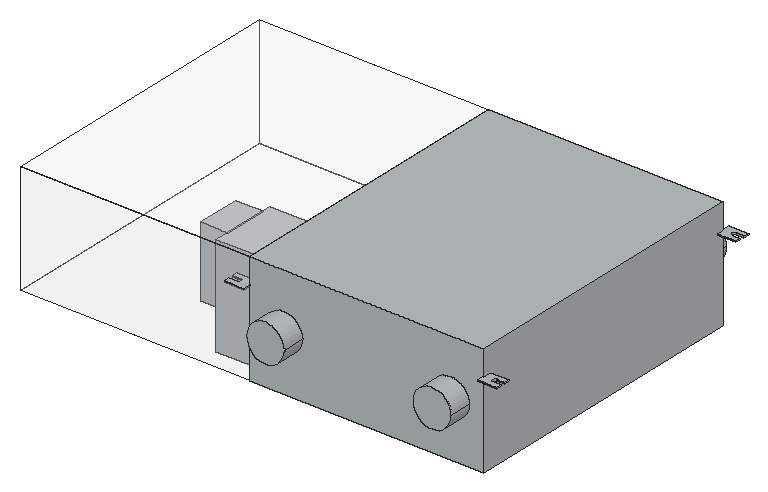
Revit family "lgh-n15_100rxw_rxv(d)-c_50Hz", category 機械設備, Revit 2019
Family settings
  丸型コネクタ寸法 = 直径を使用
  パーツ タイプ = 標準
  OmniClass 番号 = 23.75.10.34.21
  OmniClass タイトル = Heat Exchangers for Ventilation Air
  作業面ベース = いいえ
  常に垂直 = はい
  ロード時にボイドで切り取り = いいえ
  共有 = いいえ
  部屋計算ポイント = はい
Parameters (values of type "LGH-N15RXW-C_100V")
  騒音レベル(dB(A)) = 31
  風量 = 150.0 m³/h
  面風速 = 5.31 m/s
  電源種別 [instance] = "一般"
  電圧 = 100 V
  電動機出力 = 0 W
  集中コントローラ = ""
  運転質量 = 0.00 kg
  連動 [instance] = ""
  質量 = if(製品質量 > 運転質量, 製品質量, 運転質量) * 1.2  # 27.60 kg
  負荷分類 = 3_ファン類
  説明 = "業務用ロスナイ 天井埋込形 DCマイコン CO2センサー付"
  設計風量 = 0.0 m³/h
  設置方法 = "天井吊(隠ぺい)形"
  記号 [instance] = ""
  製造元 = "三菱電機株式会社"
  製品質量 = 23.00 kg
  製品出荷対象 = "国内"
  製品リリース年月 = "2020/10/1"
  製品グループ = ""
  系統 [instance] = ""
  符号 = "HEU"
  積算_科目 = "1 空気調和設備"
  積算_拾い区分 [instance] = ""
  相 = 1
  盤記号 [instance] = ""
  発停方法 [instance] = "別売リモコン"
  特殊仕様 [instance] = ""
  点検口高さ = -Height  # -290 mm
  点検口離隔 = 150 mm
  点検口_Depth = 450 mm
  点検口 = yes
  火災停止 [instance] = ""
  温度交換効率 = 74.00%
  消費電力 = 85 W
  法定耐用年数 = "15"
  機外静圧_排気 = 210.0 Pa
  機外静圧 = 210.0 Pa
  極数 = 2
  材質 [instance] = ""
  本体マテリアル = 溶融亜鉛めっき鋼板
  操作・制御方式 = ""
  操作・制御スイッチ = ""
  排気量 = 0.0 m³/h
  形式 = "天井埋込ダクト形"
  幹線記号 [instance] = ""
  対象室 [instance] = ""
  実風量 = 0.0 m³/h
  始動方式 [instance] = "直入"
  天吊金具_径 = 6.5 mm
  天吊金具_幅 = 20 mm
  外気量 = 0.0 m³/h
  呼称 = "全熱交換ユニット"
  周波数 = 50 Hz
  天吊金具ピッチ2 = 780 mm
  天吊金具ピッチ1 = 670 mm
  天吊金具_高さ = 65 mm
  参照している仕様書等のバージョン = "公共建築工事標準仕様書（機械設備工事編）平成31年度版"
  初期抵抗 = 0.0 Pa
  分類コード = "50052504100070"
  分類グループ = ""
  価格 = 402200
  企業コード = "108420"
  付属品_フィルター_還気 = ""
  付属品_フィルター = ""
  付属品 [instance] = ""
  仕様書バージョン = "Version1.0"
  モデル = "LGH-N15RXW-C"
  メンテナンススペース = yes
  コメント [instance] = ""
  Keynote = ""
  エンタルピ交換効率_暖房 = 75.50%
  エンタルピ交換効率_冷房 = 64.50%
  Assembly Code = ""
  Width = 610 mm
  Version = ""
  Uniclass2015Version = "Systems v1.9"
  Uniclass2015Title = "Thermal wheels"
  Uniclass2015Code = "Pr_60_60_36_88"
  URL = "https://www.mitsubishielectric.co.jp/ldg/wink/ssl/displayProduct.do?pid=309797"
  SpecificationReference = ""
  SpecificationDescription = ""
  Sensor_Width = 184 mm
  Sensor_D = 69 mm
  Sensor_Height = 183 mm
  Sensor_H = 14 mm
  Sensor_Depth = 115 mm
  SMAX風量 = 150.0 m³/h
  SMAX静圧 = 210.0 Pa
  SAサイズ_D = 97.5 mm
  Revision = ""
  RAサイズ_D = 97.5 mm
  ProductInformation = ""
  OmniClassCode = "23-27 23 19 11"
  OAダクト接続口方向_標準 = yes
  OAダクト接続口方向_変更 = not(OAダクト接続口方向_標準)  # no
  OAサイズ_W = 0 mm
  OAサイズ_D = 97.5 mm
  MIN風量 = 66.0 m³/h
  MIN静圧 = 35.0 Pa
  MID風量 = 108.0 m³/h
  MID静圧 = 93.0 Pa
  MAX風量 = 150.0 m³/h
  MAX静圧 = 180.0 Pa
  IfcTypeProduct = ""
  IfcProduct = ""
  IfcExportType = "ROTARYWHEEL"
  IfcExportAs = "IfcAirToAirHeatRecoveryType"
  Height = 290 mm
  EAダクト接続口方向_変更 = not(EAダクト接続口方向_標準)  # no
  EAダクト接続口方向_標準 = yes
  EAサイズ_W = 0 mm
  EAサイズ_D = 97.5 mm
  Duct_Pitch = 435 mm
  Duct_Height = 145 mm
  Duct_Depth = 59 mm
  DuctChange_Center = 118 mm
  Depth = 780 mm
  Clearance Top = 0 mm
  Clearance Left = 600 mm
  Clearance Bottom = 0 mm
  Box_Width = 115 mm
  Box_Height = 261 mm
  Box_H = 15 mm
  Box_Depth = 175 mm
  Box_D = 33 mm
  Author = "三菱電機株式会社"
Types (14, lengths in mm): name | 騒音レベル(dB(A)) | 風量 | 面風速 | 電圧 | 質量 | 製品質量 | 点検口高さ | 温度交換効率 | 消費電力 | 機外静圧_排気 | 機外静圧 | 極数 | 天吊金具ピッチ2 | 天吊金具ピッチ1 | 天吊金具_高さ | 参照している仕様書等のバージョン | 価格 | モデル | エンタルピ交換効率_暖房 | エンタルピ交換効率_冷房 | Width | URL | Sensor_D | Sensor_H | SMAX風量 | SMAX静圧 | SAサイズ_D | RAサイズ_D | OAサイズ_D | MIN風量 | MIN静圧 | MID風量 | MID静圧 | MAX風量 | MAX静圧 | Height | EAサイズ_D | Duct_Pitch | Duct_Height | Duct_Depth | DuctChange_Center | Depth | Box_H | Box_D
  LGH-N15RXW-C_100V | 31 | 150.0 m³/h | 5.31 m/s | 100 V | 27.60 kg | 23.00 kg | -290 | 74.00% | 85 W | 210.0 Pa | 210.0 Pa | 2 | 780 | 670 | 65 | "公共建築工事標準仕様書（機械設備工事編）平成31年度版" | 402200 | "LGH-N15RXW-C" | 75.50% | 64.50% | 610 | "https://www.mitsubishielectric.co.jp/ldg/wink/ssl/displayProduct.do?pid=309797" | 69 | 14 | 150.0 m³/h | 210.0 Pa | 97.5 | 97.5 | 97.5 | 66.0 m³/h | 35.0 Pa | 108.0 m³/h | 93.0 Pa | 150.0 m³/h | 180.0 Pa | 290 | 97.5 | 435 | 145 | 59 | 118 | 780 | 15 | 33
  LGH-N15RXW-C_200V | 31 | 150.0 m³/h | 5.31 m/s | 200 V | 27.60 kg | 23.00 kg | -290 | 74.00% | 85 W | 210.0 Pa | 210.0 Pa | 3 | 780 | 670 | 65 | "公共建築工事標準仕様書（機械設備工事編）平成31年度版" | 402200 | "LGH-N15RXW-C" | 75.50% | 64.50% | 610 | "https://www.mitsubishielectric.co.jp/ldg/wink/ssl/displayProduct.do?pid=309797" | 69 | 14 | 150.0 m³/h | 210.0 Pa | 97.5 | 97.5 | 97.5 | 66.0 m³/h | 35.0 Pa | 108.0 m³/h | 93.0 Pa | 150.0 m³/h | 180.0 Pa | 290 | 97.5 | 435 | 145 | 59 | 118 | 780 | 15 | 33
  LGH-N25RXW-C_100V | 30 | 250.0 m³/h | 3.93 m/s | 100 V | 28.80 kg | 24.00 kg | -290 | 70.00% | 110 W | 170.0 Pa | 170.0 Pa | 2 | 780 | 795 | 65 | "公共建築工事標準仕様書（機械設備工事編）平成31年度版" | 422200 | "LGH-N25RXW-C" | 73.00% | 63.00% | 735 | "https://www.mitsubishielectric.co.jp/ldg/wink/ssl/displayProduct.do?pid=309793" | 69 | 14 | 250.0 m³/h | 170.0 Pa | 142 | 142 | 142 | 110.0 m³/h | 28.0 Pa | 180.0 m³/h | 75.0 Pa | 250.0 m³/h | 145.0 Pa | 290 | 142 | 520 | 145 | 69 | 118 | 780 | 15 | 33
  LGH-N25RXW-C_200V | 30 | 250.0 m³/h | 3.93 m/s | 200 V | 28.80 kg | 24.00 kg | -290 | 70.00% | 110 W | 170.0 Pa | 170.0 Pa | 3 | 780 | 795 | 65 | "公共建築工事標準仕様書（機械設備工事編）平成31年度版" | 422200 | "LGH-N25RXW-C" | 73.00% | 63.00% | 735 | "https://www.mitsubishielectric.co.jp/ldg/wink/ssl/displayProduct.do?pid=309793" | 69 | 14 | 250.0 m³/h | 170.0 Pa | 142 | 142 | 142 | 110.0 m³/h | 28.0 Pa | 180.0 m³/h | 75.0 Pa | 250.0 m³/h | 145.0 Pa | 290 | 142 | 520 | 145 | 69 | 118 | 780 | 15 | 33
  LGH-N35RXW-C_100V | 33 | 350.0 m³/h | 5.5 m/s | 100 V | 39.60 kg | 33.00 kg | -330 | 71.50% | 210 W | 300.0 Pa | 300.0 Pa | 2 | 890 | 935 | 70 | "公共建築工事標準仕様書（機械設備工事編）平成31年度版" | 445200 | "LGH-N35RXW-C" | 74.50% | 65.50% | 875 | "https://www.mitsubishielectric.co.jp/ldg/wink/ssl/displayProduct.do?pid=309794" | 104 | 22 | 350.0 m³/h | 300.0 Pa | 142 | 142 | 142 | 154.0 m³/h | 36.0 Pa | 252.0 m³/h | 96.0 Pa | 350.0 m³/h | 185.0 Pa | 330 | 142 | 600 | 165 | 69 | 140 | 890 | 23 | 68
  LGH-N35RXW-C_200V | 33 | 350.0 m³/h | 5.5 m/s | 200 V | 39.60 kg | 33.00 kg | -330 | 71.50% | 210 W | 300.0 Pa | 300.0 Pa | 3 | 890 | 935 | 70 | "公共建築工事標準仕様書（機械設備工事編）平成31年度版" | 445200 | "LGH-N35RXW-C" | 74.50% | 65.50% | 875 | "https://www.mitsubishielectric.co.jp/ldg/wink/ssl/displayProduct.do?pid=309794" | 104 | 22 | 350.0 m³/h | 300.0 Pa | 142 | 142 | 142 | 154.0 m³/h | 36.0 Pa | 252.0 m³/h | 96.0 Pa | 350.0 m³/h | 185.0 Pa | 330 | 142 | 600 | 165 | 69 | 140 | 890 | 23 | 68
  LGH-N50RXW-C_100V | 37 | 500.0 m³/h | 4.42 m/s | 100 V | 44.40 kg | 37.00 kg | -330 | 71.00% | 315 W | 310.0 Pa | 310.0 Pa | 2 | 890 | 1080 | 70 | "公共建築工事標準仕様書（機械設備工事編）平成31年度版" | 503200 | "LGH-N50RXW-C" | 73.00% | 63.00% | 1020 | "https://www.mitsubishielectric.co.jp/ldg/wink/ssl/displayProduct.do?pid=309795" | 104 | 22 | 500.0 m³/h | 310.0 Pa | 192 | 192 | 192 | 220.0 m³/h | 37.0 Pa | 360.0 m³/h | 98.0 Pa | 500.0 m³/h | 190.0 Pa | 330 | 192 | 700 | 165 | 84 | 130 | 890 | 23 | 68
  LGH-N50RXW-C_200V | 37 | 500.0 m³/h | 4.42 m/s | 200 V | 44.40 kg | 37.00 kg | -330 | 71.00% | 315 W | 310.0 Pa | 310.0 Pa | 3 | 890 | 1080 | 70 | "公共建築工事標準仕様書（機械設備工事編）平成31年度版" | 503200 | "LGH-N50RXW-C" | 73.00% | 63.00% | 1020 | "https://www.mitsubishielectric.co.jp/ldg/wink/ssl/displayProduct.do?pid=309795" | 104 | 22 | 500.0 m³/h | 310.0 Pa | 192 | 192 | 192 | 220.0 m³/h | 37.0 Pa | 360.0 m³/h | 98.0 Pa | 500.0 m³/h | 190.0 Pa | 330 | 192 | 700 | 165 | 84 | 130 | 890 | 23 | 68
  LGH-N65RXW-C_100V | 40 | 650.0 m³/h | 5.75 m/s | 100 V | 51.60 kg | 43.00 kg | -404 | 71.50% | 445 W | 320.0 Pa | 320.0 Pa | 2 | 984 | 952 | 76 | "公共建築工事標準仕様書（機械設備工事編）平成31年度版" | 608200 | "LGH-N65RXW-C" | 72.00% | 63.00% | 892 | "https://www.mitsubishielectric.co.jp/ldg/wink/ssl/displayProduct.do?pid=309796" | 107 | 56 | 650.0 m³/h | 320.0 Pa | 192 | 192 | 192 | 286.0 m³/h | 45.0 Pa | 468.0 m³/h | 119.0 Pa | 650.0 m³/h | 230.0 Pa | 404 | 192 | 620 | 202 | 84 | 122 | 984 | 57 | 71
  LGH-N65RXW-C_200V | 40 | 650.0 m³/h | 5.75 m/s | 200 V | 51.60 kg | 43.00 kg | -404 | 71.50% | 445 W | 320.0 Pa | 320.0 Pa | 3 | 984 | 952 | 76 | "公共建築工事標準仕様書（機械設備工事編）平成31年度版" | 608200 | "LGH-N65RXW-C" | 72.00% | 63.00% | 892 | "https://www.mitsubishielectric.co.jp/ldg/wink/ssl/displayProduct.do?pid=309796" | 107 | 56 | 650.0 m³/h | 320.0 Pa | 192 | 192 | 192 | 286.0 m³/h | 45.0 Pa | 468.0 m³/h | 119.0 Pa | 650.0 m³/h | 230.0 Pa | 404 | 192 | 620 | 202 | 84 | 122 | 984 | 57 | 71
  LGH-N80RXV-C | 40 | 800.0 m³/h | 4.53 m/s | 100 V | 63.60 kg | 53.00 kg | -404 | 73.00% | 540 W | 310.0 Pa | 310.0 Pa | 2 | 1144 | 1064 | 76 | "公共建築工事標準仕様書（機械設備工事編）平成31年度版" | 688200 | "LGH-N80RXV-C" | 75.00% | 65.00% | 1004 | "https://www.mitsubishielectric.co.jp/ldg/wink/ssl/displayProduct.do?pid=309787" | 182 | 87 | 800.0 m³/h | 310.0 Pa | 242 | 242 | 242 | 352.0 m³/h | 37.0 Pa | 576.0 m³/h | 98.0 Pa | 800.0 m³/h | 190.0 Pa | 404 | 242 | 690 | 202 | 84 | 165 | 1144 | 88 | 146
  LGH-N80RXVD-C | 40 | 800.0 m³/h | 4.53 m/s | 200 V | 63.60 kg | 53.00 kg | -404 | 73.00% | 540 W | 310.0 Pa | 310.0 Pa | 3 | 1144 | 1064 | 76 | "公共建築工事標準仕様書（機械設備工事編）平成31年度版" | 688200 | "LGH-N80RXVD-C" | 75.00% | 65.00% | 1004 | "https://www.mitsubishielectric.co.jp/ldg/wink/ssl/displayProduct.do?pid=309791" | 182 | 87 | 800.0 m³/h | 310.0 Pa | 242 | 242 | 242 | 352.0 m³/h | 37.0 Pa | 576.0 m³/h | 98.0 Pa | 800.0 m³/h | 190.0 Pa | 404 | 242 | 690 | 202 | 84 | 165 | 1144 | 88 | 146
  LGH-N100RXV-C | 38 | 1000.0 m³/h | 5.66 m/s | 100 V | 69.60 kg | 58.00 kg | -404 | 73.00% | 580 W | 225.0 Pa | 225.0 Pa | 2 | 1144 | 1291 | 76 | "" | 757200 | "LGH-N100RXV-C" | 75.00% | 65.00% | 1231 | "https://www.mitsubishielectric.co.jp/ldg/wink/ssl/displayProduct.do?pid=309788" | 182 | 87 | 1000.0 m³/h | 225.0 Pa | 242 | 242 | 242 | 440.0 m³/h | 32.0 Pa | 720.0 m³/h | 86.0 Pa | 1000.0 m³/h | 165.0 Pa | 404 | 242 | 917 | 202 | 84 | 165 | 1144 | 88 | 146
  LGH-N100RXVD-C | 38 | 1000.0 m³/h | 5.66 m/s | 200 V | 69.60 kg | 58.00 kg | -404 | 73.00% | 580 W | 225.0 Pa | 225.0 Pa | 3 | 1144 | 1291 | 76 | "" | 757200 | "LGH-N100RXVD-C" | 75.00% | 65.00% | 1231 | "https://www.mitsubishielectric.co.jp/ldg/wink/ssl/displayProduct.do?pid=309789" | 182 | 87 | 1000.0 m³/h | 225.0 Pa | 242 | 242 | 242 | 440.0 m³/h | 32.0 Pa | 720.0 m³/h | 86.0 Pa | 1000.0 m³/h | 165.0 Pa | 404 | 242 | 917 | 202 | 84 | 165 | 1144 | 88 | 146
Reference planes
  plane 1 "中心(正面/背面)": y = 0
  plane 2: z = 0
  plane 3 "中心(左/右)": x = 0
  plane 4: x = -305
  plane 5: x = 305
  plane 6: y = 390
  plane 7: y = -390
  plane 8: z = -290
  plane 9: z = -145
  plane 10: x = -217.5
  plane 11: x = 217.5
  plane 12: y = -449
  plane 13: y = 449
  plane 14: y = 272
  plane 15: x = -364
  plane 16: x = 364
  plane 17: x = -905
  plane 18: y = -357
  plane 19: y = -182
  plane 20: z = -15
  plane 21: z = -276
  plane 22: x = -420
  plane 23: x = -455
  plane 24: y = 225
  plane 25: x = -335
  plane 26: x = 335
  plane 27: y = 390
  plane 28: y = -390
  plane 29: y = -225
  plane 30: x = -355
  plane 31: y = 410
  plane 32: y = 370
  plane 33: y = -370
  plane 34: y = -410
  plane 35: z = -5
  plane 36: z = -65
  plane 37: z = -68
  plane 38: x = 355
  plane 39: y = -321
  plane 40: y = -206
  plane 41: z = -14
  plane 42: z = -197
  plane 43: x = -489
  plane 44: z = -290
  plane 45: z = 0
Forms (mm)
  Extrusion 1, solid, material "溶融亜鉛めっき鋼板" <- "本体マテリアル", detail levels fine
    sketch origin (0, 0, 0) x (1, 0, 0) y (0, 1, 0)
      loop
        line (-305, 390) -> (-305, -390) -> (305, -390) -> (305, 390) -> (-305, 390)
    from 0 to -290
  Extrusion 2, solid, material "溶融亜鉛めっき鋼板" <- "本体マテリアル", detail levels fine
    sketch origin (510, -445, 0) x (-1, 0, 0) y (0, 0, -1)
      loop
        circle (292.5, 145) r 48.75
    from -55 to 4
  Extrusion 3, solid, material "溶融亜鉛めっき鋼板" <- "本体マテリアル", detail levels fine
    sketch origin (-305, -390, 0) x (0, 1, 0) y (0, 0, -1)
      loop
        line (208, 15) -> (208, 276) -> (33, 276) -> (33, 15) -> (208, 15)
    from 0 to 115
  Extrusion 4, solid, material "溶融亜鉛めっき鋼板" <- "本体マテリアル", detail levels fine
    sketch origin (0, 0, 0) x (1, 0, 0) y (0, 1, 0)
      loop
        line (-355, 410) -> (-355, 396.5) -> (-335, 396.5)
        arc (-335, 396.5) -> (-328.5, 390) -> (-335, 383.5) r 6.5
        line (-335, 383.5) -> (-355, 383.5) -> (-355, 370) -> (-305, 370) -> (-305, 410) -> (-355, 410)
    from -65 to -68
  Extrusion 5, solid, material "溶融亜鉛めっき鋼板" <- "本体マテリアル", detail levels fine
    sketch origin (0, 0, 0) x (1, 0, 0) y (0, 1, 0)
      loop
        line (-355, -410) -> (-305, -410) -> (-305, -370) -> (-355, -370) -> (-355, -383.5) -> (-335, -383.5)
        arc (-335, -383.5) -> (-328.5, -390) -> (-335, -396.5) r 6.5
        line (-335, -396.5) -> (-355, -396.5) -> (-355, -410)
    from -65 to -68
  Extrusion 6, solid, material "溶融亜鉛めっき鋼板" <- "本体マテリアル", detail levels fine
    sketch origin (0, 0, 0) x (-1, 0, 0) y (0, -1, 0)
      loop
        line (-355, 410) -> (-355, 396.5) -> (-335, 396.5)
        arc (-335, 396.5) -> (-328.5, 390) -> (-335, 383.5) r 6.5
        line (-335, 383.5) -> (-355, 383.5) -> (-355, 370) -> (-305, 370) -> (-305, 410) -> (-355, 410)
    from -65 to -68
  Extrusion 7, solid, material "溶融亜鉛めっき鋼板" <- "本体マテリアル", detail levels fine
    sketch origin (0, 0, 0) x (-1, 0, 0) y (0, -1, 0)
      loop
        line (-355, -410) -> (-305, -410) -> (-305, -370) -> (-355, -370) -> (-355, -383.5) -> (-335, -383.5)
        arc (-335, -383.5) -> (-328.5, -390) -> (-335, -396.5) r 6.5
        line (-335, -396.5) -> (-355, -396.5) -> (-355, -410)
    from -65 to -68
  Extrusion 8, solid, material "溶融亜鉛めっき鋼板" <- "本体マテリアル", visible <- "EAダクト接続口方向_標準", detail levels fine
    sketch origin (510, 445, 0) x (-1, 0, 0) y (0, 0, 1)
      loop
        circle (292.5, -145) r 48.75
    from -55 to 4
  Extrusion 9, solid, material "溶融亜鉛めっき鋼板" <- "本体マテリアル", visible <- "OAダクト接続口方向_標準", detail levels fine
    sketch origin (-510, 445, 0) x (1, 0, 0) y (0, 0, -1)
      loop
        circle (292.5, 145) r 48.75
    from -55 to 4
  Extrusion 10, solid, material "溶融亜鉛めっき鋼板" <- "本体マテリアル", detail levels fine
    sketch origin (-510, -445, 0) x (1, 0, 0) y (0, 0, 1)
      loop
        circle (292.5, -145) r 48.75
    from -55 to 4
  Extrusion 11, solid, material "溶融亜鉛めっき鋼板" <- "本体マテリアル", visible <- "EAダクト接続口方向_変更", detail levels fine
    sketch origin (0, 0, 0) x (0, 1, 0) y (0, 0, 1)
      loop
        circle (272, -145) r 48.75
    from 305 to 364
  Extrusion 12, solid, material "溶融亜鉛めっき鋼板" <- "本体マテリアル", visible <- "OAダクト接続口方向_変更", detail levels fine
    sketch origin (0, 0, 0) x (0, 1, 0) y (0, 0, -1)
      loop
        circle (272, 145) r 48.75
    from 305 to 364
  Extrusion 13, solid, material "溶融亜鉛めっき鋼板" <- "本体マテリアル"
    sketch origin (0, 0, 0) x (0, 1, 0) y (0, 0, 1)
      loop
        line (-206, -14) -> (-321, -14) -> (-321, -197) -> (-206, -197) -> (-206, -14)
    from -489 to -420
Lines and regions (mm)
  Masking region 1, detail levels coarse+medium
    outline origin (1326.5, 29, 0) x (1, 0, 0) y (0, 1, 0)
      loop
        line (-1631.5, 361) -> (-1631.5, -419) -> (-1021.5, -419) -> (-1021.5, 361) -> (-1631.5, 361)
  symbolic lines, detail levels coarse+medium
    curve 1: line (0, 390, 0) -> (-305, 0, 0)
    curve 2: line (-305, 0, 0) -> (0, -390, 0)
    curve 3: line (0, -390, 0) -> (305, 0, 0)
    curve 4: line (305, 0, 0) -> (0, 390, 0)
Dimensions and locks
  equal spacing: plane 4, plane 3 "中心(左/右)", plane 5
  "Width": plane 4 to plane 5
  equal spacing: plane 6, plane 1 "中心(正面/背面)", plane 7
  "Depth": plane 6 to plane 7
  "Height": level to plane 8
  "Duct_Height": level to plane 9
  equal spacing: plane 11, plane 3 "中心(左/右)", plane 10
  "Duct_Pitch": plane 11 to plane 10
  "Duct_Depth": plane 13 to plane 6
  "Duct_Depth": plane 7 to plane 12
  "DuctChange_Center": plane 6 to plane 14
  "Duct_Depth": plane 5 to plane 16
  "Duct_Depth": plane 15 to plane 4
  "Clearance Left": plane 17 to plane 4
  "Box_H": level to plane 20
  "Box_Height": plane 20 to plane 21
  "Box_D": plane 18 to plane 7
  "Box_Depth": plane 19 to plane 18
  "Box_Width": plane 22 to plane 4
  "点検口離隔": plane 23 to plane 4
  equal spacing: plane 25, plane 3 "中心(左/右)", plane 26
  "天吊金具ピッチ1": plane 25 to plane 26
  equal spacing: plane 27, plane 1 "中心(正面/背面)", plane 28
  "天吊金具ピッチ2": plane 27 to plane 28
  equal spacing: plane 24, plane 1 "中心(正面/背面)", plane 29
  "点検口_Depth": plane 24 to plane 29
  equal spacing: plane 31, plane 27, plane 32
  locked: plane 31 to plane 32 at 40
  "天吊金具_幅": plane 30 to plane 25
  "天吊金具_高さ": level to plane 36
  locked: plane 36 to plane 37 at 3
  equal spacing: plane 33, plane 28, plane 34
  locked: plane 33 to plane 34 at 40
  "天吊金具_幅": plane 26 to plane 38
  "Sensor_D": plane 39 to plane 28
  "Sensor_Depth": plane 40 to plane 39
  "Sensor_H": level to plane 41
  "Sensor_Height": plane 41 to plane 42
  "Sensor_Width": plane 43 to plane 4
  "Clearance Top": plane 45 to level
  "Clearance Bottom": plane 8 to plane 44
  "RAサイズ_D": diameter of Extrusion 2 sketch curve
  "天吊金具_径": radius of Extrusion 4 sketch curve
  "天吊金具_径": radius of Extrusion 5 sketch curve
  "天吊金具_径": radius of Extrusion 6 sketch curve
  "天吊金具_径": radius of Extrusion 7 sketch curve
  "EAサイズ_D": diameter of Extrusion 8 sketch curve
  "OAサイズ_D": diameter of Extrusion 9 sketch curve
  "SAサイズ_D": diameter of Extrusion 10 sketch curve
  "EAサイズ_D": diameter of Extrusion 11 sketch curve
  "EAサイズ_D": diameter of Extrusion 12 sketch curve
  aligned and locked: level to plane 2
  aligned and locked: Extrusion 1 to plane 8
  aligned and locked: plane 7 to Extrusion 2
  aligned and locked: Extrusion 2 to plane 12
  aligned and locked: plane 17 to nested 1
  aligned and locked: plane 4 to nested 1
  aligned and locked: nested 1 to plane 6
  aligned and locked: nested 1 to plane 7
  aligned and locked: Extrusion 3 to plane 22
  aligned and locked: plane 4 to Extrusion 3
  aligned and locked: Masking region 1 to plane 4
  aligned and locked: plane 5 to Masking region 1
  aligned and locked: plane 6 to Masking region 1
  aligned and locked: Masking region 1 to plane 7
  aligned and locked: plane 26 to nested 2
  aligned and locked: plane 25 to nested 2
  aligned and locked: nested 2 to plane 28
  aligned and locked: plane 27 to nested 2
  aligned and locked: Extrusion 3 to plane 19
  aligned and locked: Extrusion 3 to plane 21
  aligned and locked: plane 20 to Extrusion 3
  aligned and locked: plane 18 to Extrusion 3
  aligned and locked: plane 23 to nested 3
  aligned and locked: plane 17 to nested 3
  aligned and locked: plane 24 to nested 3
  aligned and locked: nested 3 to plane 29
  aligned and locked: plane 4 to Extrusion 4
  aligned and locked: Extrusion 4 to plane 30  (x2)
  aligned and locked: plane 31 to Extrusion 4
  aligned and locked: Extrusion 4 to plane 36
  aligned and locked: Extrusion 4 to plane 37
  aligned and locked: plane 4 to Extrusion 5
  aligned and locked: plane 33 to Extrusion 5
  aligned and locked: Extrusion 5 to plane 34
  aligned and locked: Extrusion 5 to plane 30  (x2)
  aligned and locked: Extrusion 5 to Extrusion 4  (x2)
  aligned and locked: Extrusion 7 to plane 38  (x2)
  aligned and locked: Extrusion 7 to plane 32
  aligned and locked: plane 31 to Extrusion 7
  aligned and locked: Extrusion 6 to plane 38
  aligned and locked: Extrusion 6 to plane 34
  aligned and locked: Extrusion 6 to plane 5
  aligned and locked: plane 33 to Extrusion 6
  aligned and locked: Extrusion 6 to plane 37
  aligned and locked: plane 36 to Extrusion 6
  aligned and locked: Extrusion 7 to plane 37
  aligned and locked: plane 36 to Extrusion 7
  aligned and locked: plane 13 to Extrusion 8
  aligned and locked: Extrusion 8 to plane 6
  aligned and locked: plane 13 to Extrusion 9
  aligned and locked: Extrusion 9 to plane 6
  aligned and locked: Extrusion 10 to plane 12
  aligned and locked: plane 7 to Extrusion 10
  aligned and locked: plane 16 to Extrusion 11
  aligned and locked: Extrusion 11 to plane 5
  aligned and locked: plane 4 to Extrusion 12
  aligned and locked: Extrusion 12 to plane 15
  aligned and locked: plane 41 to Extrusion 13 sketch curve
  aligned and locked: Extrusion 13 sketch curve to plane 40
  aligned and locked: Extrusion 13 sketch curve to plane 42
  aligned and locked: plane 39 to Extrusion 13 sketch curve
  aligned and locked: Extrusion 13 to plane 43
  aligned and locked: Extrusion 13 to Extrusion 3
  aligned and locked: plane 44 to nested 1
  aligned and locked: plane 45 to nested 1
Automatic sketch dimensions
  plane 1 "中心(正面/背面)" to curve 1 = 0 mm
  curve 1 to plane 4 = 0 mm
  curve 2 to plane 3 "中心(左/右)" = 0 mm
  curve 4 to plane 3 "中心(左/右)" = 0 mm
  plane 1 "中心(正面/背面)" to curve 4 = 0 mm
  curve 4 to plane 5 = 0 mm
  curve 2 to plane 7 = 0 mm
  curve 4 to plane 6 = 0 mm
  Extrusion 1 sketch curve to plane 4 = 0 mm
  Extrusion 1 sketch curve to plane 5 = 0 mm
  Extrusion 1 sketch curve to plane 7 = 0 mm
  Extrusion 1 sketch curve to plane 6 = 0 mm
  Extrusion 2 sketch curve to plane 9 = 0 mm
  Extrusion 2 sketch curve to plane 11 = 0 mm
  Extrusion 3 sketch curve to Extrusion 1 = 33 mm
  Extrusion 1 to Extrusion 3 sketch curve = 14 mm
  Extrusion 3 sketch curve to Extrusion 3 sketch curve = 175 mm
  Extrusion 1 to Extrusion 3 sketch curve = 15 mm
  Masking region 1 sketch curve to plane 4 = 0 mm
  Masking region 1 sketch curve to plane 5 = 0 mm
  Masking region 1 sketch curve to plane 7 = 0 mm
  Masking region 1 sketch curve to plane 6 = 0 mm
  Extrusion 8 sketch curve to plane 9 = 0 mm
  Extrusion 8 sketch curve to plane 11 = 0 mm
  Extrusion 9 sketch curve to plane 9 = 0 mm
  Extrusion 9 sketch curve to plane 10 = 0 mm
  Extrusion 10 sketch curve to plane 9 = 0 mm
  Extrusion 10 sketch curve to plane 10 = 0 mm
  Extrusion 11 sketch curve to plane 9 = 0 mm
  Extrusion 11 sketch curve to plane 14 = 0 mm
  Extrusion 12 sketch curve to plane 9 = 0 mm
  Extrusion 12 sketch curve to plane 14 = 0 mm
  Extrusion 4 sketch curve to plane 30 = 0 mm  (x2)
  Extrusion 4 sketch curve to plane 25 = 0 mm
  Extrusion 4 sketch curve to plane 4 = 0 mm
  Extrusion 4 sketch curve to plane 32 = 0 mm
  Extrusion 4 sketch curve to plane 6 = 0 mm
  Extrusion 4 sketch curve to plane 31 = 0 mm
  Extrusion 5 sketch curve to plane 30 = 0 mm  (x2)
  Extrusion 5 sketch curve to plane 25 = 0 mm
  Extrusion 5 sketch curve to plane 4 = 0 mm
  Extrusion 5 sketch curve to plane 33 = 0 mm
  Extrusion 5 sketch curve to plane 7 = 0 mm
  Extrusion 5 sketch curve to plane 34 = 0 mm
  Extrusion 6 sketch curve to plane 34 = 0 mm
  Extrusion 6 sketch curve to plane 38 = 0 mm  (x2)
  Extrusion 6 sketch curve to plane 26 = 0 mm
  Extrusion 6 sketch curve to plane 5 = 0 mm
  Extrusion 6 sketch curve to plane 33 = 0 mm
  Extrusion 6 sketch curve to plane 7 = 0 mm
  Extrusion 7 sketch curve to plane 31 = 0 mm
  Extrusion 7 sketch curve to plane 38 = 0 mm  (x2)
  Extrusion 7 sketch curve to plane 26 = 0 mm
  Extrusion 7 sketch curve to plane 5 = 0 mm
  Extrusion 7 sketch curve to plane 32 = 0 mm
  Extrusion 7 sketch curve to plane 6 = 0 mm
Nested families
  nested 1: "メンテナンススペース" at (-605, 0, -145), visible <- "メンテナンススペース", type "メンテナンススペース"
    with Width 600 mm, Height 290 mm, Depth 780 mm
  nested 2: "固定点" at (-335, -390, 0), type "固定点"
    with W 670 mm, D 780 mm
  nested 3: "点検口設置範囲" at (-680, 0, -290), built-in parameter 1001364 <- "点検口高さ", visible <- "点検口", type "点検口設置範囲"
    with Width 450 mm, Depth 450 mm
Connectors
  hvac at (217.5, -449, -145), driven by "RAサイズ_D", driven by "機外静圧", driven by "風量"
    settings: on Extrusion 2, index 2, duct flow 150.0 m³/h, flow factor 0, pres drop 210.0 Pa, loss coef 0, conn angle 0.00°, conn width 304.8 mm, conn height 304.8 mm, conn diameter 97.5 mm, duct sys type 2, conn prof type 0, flow config 0, flow direction 1, loss method 4, conn ref index -1, conn util no, is conn primary yes, conn desc ""
  electrical at (-362.5, -357, -145.5), driven by "負荷分類", driven by "相", driven by "電圧", driven by "消費電力"
    settings: on Extrusion 3, index 7, voltage 100 V, apparent load 85 VA, apparent load phase1 0 VA, apparent load phase2 0 VA, apparent load phase3 0 VA, power factor 1, load classification "3_ファン類", number of poles 1, system type 30, power factor state 1, is connector primary yes, connector utility no, sub classification motor no, connector description ""
  hvac at (217.5, 449, -145), driven by "EAサイズ_D", driven by "排気量", driven by "機外静圧_排気"
    settings: on Extrusion 8, index 8, duct flow 0.0 m³/h, flow factor 0, pres drop 210.0 Pa, loss coef 0, conn angle 0.00°, conn width 304.8 mm, conn height 304.8 mm, conn diameter 97.5 mm, duct sys type 3, conn prof type 0, flow config 0, flow direction 2, loss method 4, conn ref index -1, conn util no, is conn primary no, conn desc ""
  hvac at (-217.5, 449, -145), driven by "OAサイズ_D", driven by "外気量", driven by "機外静圧"
    settings: on Extrusion 9, index 9, duct flow 0.0 m³/h, flow factor 0, pres drop 210.0 Pa, loss coef 0, conn angle 0.00°, conn width 304.8 mm, conn height 304.8 mm, conn diameter 97.5 mm, duct sys type 4, conn prof type 0, flow config 0, flow direction 1, loss method 4, conn ref index -1, conn util no, is conn primary no, conn desc ""
  hvac at (-217.5, -449, -145), driven by "SAサイズ_D", driven by "風量", driven by "機外静圧"
    settings: on Extrusion 10, index 10, duct flow 150.0 m³/h, flow factor 0, pres drop 210.0 Pa, loss coef 0, conn angle 0.00°, conn width 304.8 mm, conn height 304.8 mm, conn diameter 97.5 mm, duct sys type 1, conn prof type 0, flow config 0, flow direction 2, loss method 4, conn ref index -1, conn util no, is conn primary no, conn desc ""
  hvac at (364, 272, -145), driven by "EAサイズ_D", driven by "機外静圧_排気", driven by "排気量"
    settings: on Extrusion 11, index 11, duct flow 0.0 m³/h, flow factor 0, pres drop 210.0 Pa, loss coef 0, conn angle 0.00°, conn width 304.8 mm, conn height 304.8 mm, conn diameter 97.5 mm, duct sys type 3, conn prof type 0, flow config 0, flow direction 2, loss method 4, conn ref index -1, conn util no, is conn primary no, conn desc ""
  hvac at (-364, 272, -145), driven by "EAサイズ_D", driven by "機外静圧", driven by "外気量"
    settings: on Extrusion 12, index 12, duct flow 0.0 m³/h, flow factor 0, pres drop 210.0 Pa, loss coef 0, conn angle 0.00°, conn width 304.8 mm, conn height 304.8 mm, conn diameter 97.5 mm, duct sys type 4, conn prof type 0, flow config 0, flow direction 1, loss method 4, conn ref index -1, conn util no, is conn primary no, conn desc ""
Definition of nested family "メンテナンススペース"
  Parameters (values of type "メンテナンススペース")
    Width [instance] = 500 mm
    Height [instance] = 500 mm
    Depth [instance] = 500 mm
  Reference planes
    plane 1 "中心(正面/背面)": y = 0
    plane 2: z = 0
    plane 3 "中心(左/右)": x = 0
    plane 4: y = -250
    plane 5: x = 250
    plane 6: y = 250
    plane 7: x = -250
    plane 8: z = 250
    plane 9: z = -250
  Forms (mm)
    Extrusion 1, solid
      sketch origin (-638.939, 0, 72.39) x (1, 0, 0) y (0, 1, 0)
        loop
          line (388.939, 250) -> (388.939, -250) -> (888.939, -250) -> (888.939, 250) -> (388.939, 250)
      from -322.39 to 177.61
  Lines and regions (mm)
    symbolic lines
      curve 1: line (-250, 0, 250) -> (250, 0, 250)
      curve 2: line (-250, 0, -250) -> (-250, 0, 250)
      curve 3: line (250, 0, -250) -> (-250, 0, -250)
      curve 4: line (250, 0, 250) -> (250, 0, -250)
      curve 5: line (0, -250, 250) -> (0, 250, 250)
      curve 6: line (0, -250, -250) -> (0, -250, 250)
      curve 7: line (0, 250, -250) -> (0, -250, -250)
      curve 8: line (0, 250, 250) -> (0, 250, -250)
      curve 9: line (-250, 250, 0) -> (250, 250, 0)
      curve 10: line (-250, -250, 0) -> (-250, 250, 0)
      curve 11: line (250, -250, 0) -> (-250, -250, 0)
      curve 12: line (250, 250, 0) -> (250, -250, 0)
  Dimensions and locks
    equal spacing: plane 7, plane 3 "中心(左/右)", plane 5
    equal spacing: plane 4, plane 1 "中心(正面/背面)", plane 6
    "Depth": plane 4 to plane 6
    "Width": plane 7 to plane 5
    equal spacing: plane 8, plane 2, plane 9
    "Height": plane 8 to plane 9
    aligned and locked: plane 9 to curve 3
    aligned and locked: plane 7 to curve 2
    aligned and locked: curve 4 to plane 5
    aligned and locked: plane 5 to Extrusion 1
    aligned and locked: Extrusion 1 to plane 7
    aligned and locked: Extrusion 1 to plane 9
    aligned and locked: plane 8 to Extrusion 1
    aligned and locked: plane 9 to curve 7
  Automatic sketch dimensions
    plane 4 to Extrusion 1 sketch curve = 0 mm
    Extrusion 1 sketch curve to plane 7 = 0 mm
    Extrusion 1 sketch curve to plane 5 = 0 mm
    plane 6 to Extrusion 1 sketch curve = 0 mm
    curve 2 to plane 8 = 0 mm
    plane 4 to curve 11 = 0 mm
    curve 11 to plane 7 = 0 mm
    curve 11 to plane 5 = 0 mm
    plane 6 to curve 10 = 0 mm
    curve 7 to plane 4 = 0 mm
    curve 7 to plane 6 = 0 mm
    curve 6 to plane 8 = 0 mm
Definition of nested family "固定点"
  Parameters (values of type "固定点")
    中心円 = 20 mm
    W [instance] = 1000 mm
    D [instance] = 1000 mm
  Reference planes
    plane 1 "中心(正面/背面)": y = 0
    plane 2: z = 0
    plane 3 "中心(左/右)": x = 0
    plane 4: x = 1000
    plane 5: y = 1000
  Lines and regions (mm)
    symbolic lines, detail levels fine
      curve 1: circle (0, 1000, 0) r 10 normal (0, 0, 1)
      curve 2: circle (0, 0, 0) r 10 normal (0, 0, 1)
      curve 3: circle (1000, 1000, 0) r 10 normal (0, 0, 1)
      curve 4: circle (1000, 0, 0) r 10 normal (0, 0, 1)
      curve 5: line (-200, 1000, 0) -> (1200, 1000, 0)
      curve 6: line (-200, 0, 0) -> (1200, 0, 0)
      curve 7: line (0, 1200, 0) -> (0, -200, 0)
      curve 8: line (1000, 1200, 0) -> (1000, -200, 0)
  Dimensions and locks
    "W": plane 3 "中心(左/右)" to plane 4
    "D": plane 1 "中心(正面/背面)" to plane 5
    "中心円": diameter of curve 1
    "中心円": diameter of curve 2
    "中心円": diameter of curve 3
    "中心円": diameter of curve 4
    aligned and locked: level to plane 2
    aligned and locked: plane 5 to curve 1
    aligned and locked: plane 3 "中心(左/右)" to curve 1
    aligned and locked: plane 3 "中心(左/右)" to curve 2
    aligned and locked: plane 1 "中心(正面/背面)" to curve 2
    aligned and locked: plane 4 to curve 3
    aligned and locked: plane 5 to curve 3
    aligned and locked: plane 1 "中心(正面/背面)" to curve 4
    aligned and locked: plane 4 to curve 4
    aligned and locked: plane 1 "中心(正面/背面)" to curve 6
    aligned and locked: curve 7 to plane 3 "中心(左/右)"
    aligned and locked: curve 8 to plane 4
  Automatic sketch dimensions
    curve 5 to plane 5 = 0 mm
    curve 6 to plane 3 "中心(左/右)" = 200 mm
    curve 5 to plane 3 "中心(左/右)" = 200 mm
    curve 4 to curve 6 = 200 mm
    curve 3 to curve 5 = 200 mm
    plane 1 "中心(正面/背面)" to curve 8 = 200 mm
    plane 1 "中心(正面/背面)" to curve 7 = 200 mm
    curve 3 to curve 8 = 200 mm
    curve 1 to curve 7 = 200 mm
Definition of nested family "点検口設置範囲"
  Parameters (values of type "点検口設置範囲")
    Width [instance] = 1000 mm
    Depth [instance] = 700 mm
  Reference planes
    plane 1 "中心(正面/背面)": y = 0
    plane 2: z = 0
    plane 3 "中心(左/右)": x = 0
    plane 4: x = -500
    plane 5: x = 500
    plane 6: y = -350
    plane 7: y = 350
  Lines and regions (mm)
    model lines
      curve 1: line (-500, 350, 0) -> (500, 350, 0)
      curve 2: line (-500, -350, 0) -> (-500, 350, 0)
      curve 3: line (500, -350, 0) -> (-500, -350, 0)
      curve 4: line (500, 350, 0) -> (500, -350, 0)
  Dimensions and locks
    "Depth": plane 7 to plane 6
    "Width": plane 4 to plane 5
    equal spacing: plane 7, plane 1 "中心(正面/背面)", plane 6
    equal spacing: plane 4, plane 3 "中心(左/右)", plane 5
    aligned and locked: level to plane 2
    aligned and locked: plane 4 to curve 2
    aligned and locked: curve 1 to plane 7
    aligned and locked: curve 4 to plane 5
    aligned and locked: plane 6 to curve 3
